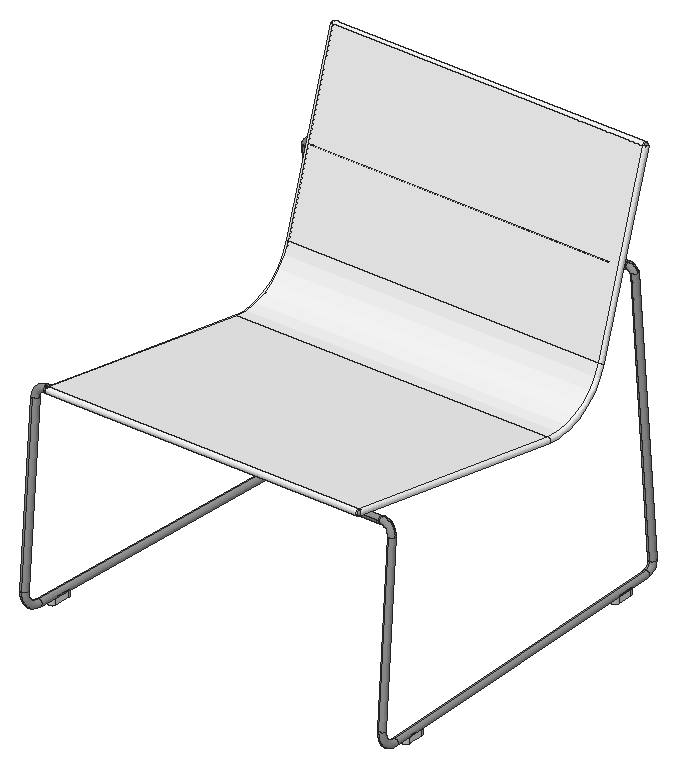
Revit family "Andreu World_Trenza_BU-0702", category Mobiliario, Revit 2014
Parameters (values of type "BU-0702")
  Upholstery = Outdoor Sand Woven Band
  Width = 670 mm
  URL = "http://www.andreuworld.com/"
  Seat Height = 395 mm
  Reference = "BU-0702"  # constant formula
  Modelo = "Trenza"
  Structure Finish = Andreu World Aluminum  Earth Brown
  Height = 710 mm
  Glides = Andreu World Plastic Glides
  Fabricante = "Andreu World"
  Descripción = "Lounge chair with steel frame."
  Depth = 670 mm
Reference planes
  plane 1 "Centro (Frontal/Posterior)": y = 0
  plane 2: z = 0
  plane 3 "Centro (Izquierda/Derecha)": x = 0
  plane 4 "Left": x = -335
  plane 5 "Right": x = 335
  plane 6 "Back": y = 335
  plane 7 "Front": y = -335
  plane 8 "Seat Height": z = 395
  plane 9 "Arms Height": z = 590
  plane 10 "Height": z = 710
  plane 11 "incl 01": through (-299.67, 335, 1200) normal (0.9991, -0.0429, 0)
  plane 12: through (299.67, 335, 1200) normal (0.9991, 0.0429, 0)
  plane 13 "P1": through (4267.2, -304.64, 368.528) normal (0, -0.9962, 0.0872)
  plane 14 "P2": through (4267.2, 283.585, 520.034) normal (0, -0.9997, -0.0258)
Forms (mm)
  Extrusion 1, solid, material "Andreu World Plastic Glides" <- "Glides", detail levels medium+fine
    sketch origin (0.543, -3.706, 0) x (1, 0, 0) y (0, 1, 0)
      loop
        arc (-311.28, 241.421) -> (-304.155, 234.296) -> (-297.029, 241.421) r 7.126
        line (-297.029, 241.421) -> (-295.831, 269.349)
        arc (-295.831, 269.349) -> (-302.956, 276.475) -> (-310.082, 269.349) r 7.126
        line (-310.082, 269.349) -> (-311.28, 241.421)
    from 0 to 11.932
  Extrusion 2, solid, material "Andreu World Plastic Glides" <- "Glides", detail levels medium+fine
    sketch origin (-21.097, -511.205, 0) x (1, 0, 0) y (0, 1, 0)
      loop
        arc (-311.28, 241.421) -> (-304.155, 234.296) -> (-297.029, 241.421) r 7.126
        line (-297.029, 241.421) -> (-295.831, 269.349)
        arc (-295.831, 269.349) -> (-302.956, 276.475) -> (-310.082, 269.349) r 7.126
        line (-310.082, 269.349) -> (-311.28, 241.421)
    from 0 to 11.932
  Extrusion 3, solid, material "Andreu World Aluminum  Earth Brown" <- "Structure Finish", detail levels medium+fine
    sketch origin (0, -1.086, -14.029) x (0, 1, 0) y (0, 0, 1)
      loop
        circle (-303.554, 388.557) r 6
    from -307.192 to 307.192
  Extrusion 4, solid, material "Andreu World Aluminum  Earth Brown" <- "Structure Finish", detail levels medium+fine
    sketch origin (0, 0, 0) x (0, 1, 0) y (0, 0, 1)
      loop
        circle (283.351, 529.111) r 6
    from -290 to 290
  Extrusion 5, solid, material "Outdoor Sand Woven Band" <- "Upholstery", detail levels medium+fine
    sketch origin (0, 0, 0) x (0, 1, 0) y (0, 0, 1)
      loop
        line (323.734, 706.104) -> (222.201, 393.616)
        arc (222.201, 393.616) -> (176.841, 336.315) -> (105.079, 322.491) r 105
        line (105.079, 322.491) -> (-328.489, 394.748)
        arc (-328.489, 394.748) -> (-334.243, 390.638) -> (-330.133, 384.884) r 5
        line (-330.133, 384.884) -> (103.435, 312.627)
        arc (103.435, 312.627) -> (182.031, 327.767) -> (231.711, 390.526) r 115
        line (231.711, 390.526) -> (333.245, 703.014)
        arc (333.245, 703.014) -> (330.035, 709.315) -> (323.734, 706.104) r 5
    from -285 to 285
  Sweep 6, solid, material "Outdoor Sand Woven Band" <- "Upholstery", detail levels medium+fine
    path origin (-285, 0, 0) x (0, 1, 0) y (0, 0, 1)
      loop
        line (323.734, 706.104) -> (222.201, 393.616)
        arc (222.201, 393.616) -> (176.841, 336.315) -> (105.079, 322.491) r 105
        line (105.079, 322.491) -> (-328.489, 394.748)
    profile origin (-285, 272.967, 549.86) x (0, 0.951057, -0.309017) y (1, 0, 0)
      loop
        arc (0, 0) -> (5, -5) -> (10, 0) r 5
        line (10, 0) -> (0, 0)
  Sweep 7, solid, material "Outdoor Sand Woven Band" <- "Upholstery", detail levels medium+fine
    path origin (285, 0, 0) x (0, 1, 0) y (0, 0, 1)
      loop
        line (323.734, 706.104) -> (222.201, 393.616)
        arc (222.201, 393.616) -> (176.841, 336.315) -> (105.079, 322.491) r 105
        line (105.079, 322.491) -> (-328.489, 394.748)
    profile origin (285, 272.967, 549.86) x (0, 0.951057, -0.309017) y (1, 0, 0)
      loop
        line (0, 0) -> (10, 0)
        arc (10, 0) -> (5, 5) -> (0, 0) r 5
  Revolve 8, solid, material "Andreu World Aluminum  Earth Brown" <- "Structure Finish", detail levels medium+fine
    sketch origin (-285, 323.734, 706.104) x (0, -0.951057, 0.309017) y (1, 0, 0)
      loop
        arc (-9, 0) -> (-5, -4) -> (-1, 0) r 4
        line (-1, 0) -> (-9, 0)
      axis (-9, 0) -> (-1, 0)
    angle from 0 to -90
  Revolve 9, solid, material "Andreu World Aluminum  Earth Brown" <- "Structure Finish", detail levels medium+fine
    sketch origin (285, 323.734, 706.104) x (0, -0.951057, 0.309017) y (1, 0, 0)
      loop
        arc (-1, 0) -> (-5, 4) -> (-9, 0) r 4
        line (-9, 0) -> (-1, 0)
      axis (-1, 0) -> (-9, 0)
    angle from 0 to -90
  Revolve 10, solid, material "Andreu World Aluminum  Earth Brown" <- "Structure Finish", detail levels medium+fine
    sketch origin (285, -328.489, 394.748) x (1, 0, 0) y (0, 0.16439, 0.986395)
      loop
        line (0, -1) -> (0, -9)
        arc (0, -9) -> (4, -5) -> (0, -1) r 4
      axis (0, -9) -> (0, -1)
    angle from 0 to -90
  Revolve 11, solid, material "Andreu World Aluminum  Earth Brown" <- "Structure Finish", detail levels medium+fine
    sketch origin (-285, -328.489, 394.748) x (1, 0, 0) y (0, 0.16439, 0.986395)
      loop
        line (0, -9) -> (0, -1)
        arc (0, -1) -> (-4, -5) -> (0, -9) r 4
      axis (0, -1) -> (0, -9)
    angle from 0 to -90
  Sweep 12, solid, material "Andreu World Aluminum  Earth Brown" <- "Structure Finish", detail levels medium+fine
    path origin (313.466, 13.449, 0) x (-0.042865, 0.999081, 0) y (0, 0, -1)
      loop
        line (270.25, -521.577) -> (313.268, -29.877)
        arc (313.268, -29.877) -> (309.125, -17.673) -> (297.329, -12.482) r 16
        line (297.329, -12.482) -> (-312.634, -12.482)
        arc (-312.634, -12.482) -> (-335.385, -22.426) -> (-343.541, -45.877) r 31
        line (-343.541, -45.877) -> (-319.59, -354.951)
    profile origin (300.96, 304.94, 275.727) x (0.042702, -0.995279, -0.087156) y (-0.999081, -0.042865, 0)
      loop
        circle (0, 0) r 6
  Extrusion 13, solid, material "Andreu World Plastic Glides" <- "Glides", detail levels medium+fine
    sketch origin (-0.543, -3.706, 0) x (-1, 0, 0) y (0, -1, 0)
      loop
        line (-311.28, -241.421) -> (-310.082, -269.349)
        arc (-310.082, -269.349) -> (-302.956, -276.475) -> (-295.831, -269.349) r 7.126
        line (-295.831, -269.349) -> (-297.029, -241.421)
        arc (-297.029, -241.421) -> (-304.155, -234.296) -> (-311.28, -241.421) r 7.126
    from 0 to 11.932
  Extrusion 14, solid, material "Andreu World Plastic Glides" <- "Glides", detail levels medium+fine
    sketch origin (21.097, -511.205, 0) x (-1, 0, 0) y (0, -1, 0)
      loop
        line (-311.28, -241.421) -> (-310.082, -269.349)
        arc (-310.082, -269.349) -> (-302.956, -276.475) -> (-295.831, -269.349) r 7.126
        line (-295.831, -269.349) -> (-297.029, -241.421)
        arc (-297.029, -241.421) -> (-304.155, -234.296) -> (-311.28, -241.421) r 7.126
    from 0 to 11.932
  Sweep 15, solid, material "Andreu World Aluminum  Earth Brown" <- "Structure Finish", detail levels medium+fine
    path origin (0, -334.323, 29.25) x (0, -0.087156, -0.996195) y (1, 0, 0)
      loop
        arc (-340.729, 307.192) -> (-336.587, 317.192) -> (-326.587, 321.334) r 14.142
    profile origin (317.192, -304.988, 364.555) x (0.707107, 0.061628, 0.704416) y (0, -0.996195, 0.087156)
      loop
        circle (5.928, 0) r 5.984
  Sweep 16, solid, material "Andreu World Aluminum  Earth Brown" <- "Structure Finish", detail levels medium+fine
    path origin (0, 296.793, 7.65) x (0, 0.025768, -0.999668) y (1, 0, 0)
      loop
        arc (-521.479, 290) -> (-518.999, 297.428) -> (-512.554, 301.876) r 12.364
    profile origin (297.428, 283.419, 526.477) x (0.600765, -0.0206, 0.799161) y (0, -0.999668, -0.025768)
      loop
        circle (0, 0) r 6
  Sweep 17, solid, material "Andreu World Aluminum  Earth Brown" <- "Structure Finish", detail levels medium+fine
    path origin (-313.466, 13.449, 0) x (0.042865, 0.999081, 0) y (0, 0, 1)
      loop
        line (270.25, 521.577) -> (313.268, 29.877)
        arc (313.268, 29.877) -> (309.125, 17.673) -> (297.329, 12.482) r 16
        line (297.329, 12.482) -> (-312.634, 12.482)
        arc (-312.634, 12.482) -> (-335.385, 22.426) -> (-343.541, 45.877) r 31
        line (-343.541, 45.877) -> (-319.59, 354.951)
    profile origin (-300.96, 304.94, 275.727) x (0.042702, 0.995279, 0.087156) y (0.999081, -0.042865, 0)
      loop
        circle (0, 0) r 6
  Sweep 18, solid, material "Andreu World Aluminum  Earth Brown" <- "Structure Finish", detail levels medium+fine
    path origin (0, -334.323, 29.25) x (0, -0.087156, -0.996195) y (-1, 0, 0)
      loop
        arc (-340.729, 307.192) -> (-336.587, 317.192) -> (-326.587, 321.334) r 14.142
    profile origin (-317.192, -304.988, 364.555) x (0.707107, -0.061628, -0.704416) y (0, -0.996195, 0.087156)
      loop
        circle (-5.928, 0) r 5.984
  Sweep 19, solid, material "Andreu World Aluminum  Earth Brown" <- "Structure Finish", detail levels medium+fine
    path origin (0, 296.793, 7.65) x (0, 0.025768, -0.999668) y (-1, 0, 0)
      loop
        arc (-521.479, 290) -> (-518.999, 297.428) -> (-512.554, 301.876) r 12.364
    profile origin (-297.428, 283.419, 526.477) x (0.600765, 0.0206, -0.799161) y (0, -0.999668, -0.025768)
      loop
        circle (0, 0) r 6
Cuts and joins
  joined: Extrusion 5, Sweep 6, Sweep 7
Lines and regions (mm)
  model lines, detail levels coarse+medium
    curve 1: line (-331.18, -241.856, 0) -> (-332.378, -269.784, 0)
    curve 2: arc (-332.378, -269.784, 0) -> (-325.252, -276.909, 0) -> (-318.127, -269.784, 0) r 7.126
    curve 3: line (-318.127, -269.784, 0) -> (-316.928, -241.856, 0)
    curve 4: arc (-316.928, -241.856, 0) -> (-324.054, -234.73, 0) -> (-331.18, -241.856, 0) r 7.126
    curve 5: line (-309.539, 265.643, 0) -> (-310.737, 237.716, 0)
    curve 6: arc (-310.737, 237.716, 0) -> (-303.612, 230.59, 0) -> (-296.486, 237.716, 0) r 7.126
    curve 7: line (-296.486, 237.716, 0) -> (-295.288, 265.643, 0)
    curve 8: arc (-295.288, 265.643, 0) -> (-302.414, 272.769, 0) -> (-309.539, 265.643, 0) r 7.126
    curve 9: line (-310.01, -323.443, 0) -> (-282.548, 332.942, 0)
    curve 10: line (-331.683, -292.553, 0) -> (-305.513, 332.942, 0)
    curve 11: line (-1.349, 332.942, 0) -> (-1.349, -323.443, 0)
    curve 12: line (-319.67, -292.497, 0) -> (-293.524, 332.44, 0)
    curve 13: line (-310.01, -323.443, 0) -> (307.313, -323.443, 0)
    curve 14: line (-305.513, 332.942, 0) -> (302.816, 332.942, 0)
    curve 15: line (-286.581, 236.545, 0) -> (283.884, 236.545, 0)
    curve 16: line (-319.67, -292.497, 0) -> (-308.715, -292.497, 0)
    curve 17: line (-309.153, -302.971, 0) -> (-321.692, -302.971, 0)
    curve 18: arc (-331.683, -292.553, 0) -> (-328.909, -299.893, 0) -> (-321.692, -302.971, 0) r 10
    curve 19: line (328.482, -241.856, 0) -> (329.681, -269.784, 0)
    curve 20: arc (329.681, -269.784, 0) -> (322.555, -276.909, 0) -> (315.429, -269.784, 0) r 7.126
    curve 21: line (315.429, -269.784, 0) -> (314.231, -241.856, 0)
    curve 22: arc (314.231, -241.856, 0) -> (321.357, -234.73, 0) -> (328.482, -241.856, 0) r 7.126
    curve 23: line (306.842, 265.643, 0) -> (308.04, 237.716, 0)
    curve 24: arc (308.04, 237.716, 0) -> (300.915, 230.59, 0) -> (293.789, 237.716, 0) r 7.126
    curve 25: line (293.789, 237.716, 0) -> (292.591, 265.643, 0)
    curve 26: arc (292.591, 265.643, 0) -> (299.716, 272.769, 0) -> (306.842, 265.643, 0) r 7.126
    curve 27: line (307.313, -323.443, 0) -> (279.85, 332.942, 0)
    curve 28: line (328.986, -292.553, 0) -> (302.816, 332.942, 0)
    curve 29: line (316.973, -292.497, 0) -> (290.827, 332.44, 0)
    curve 30: line (316.973, -292.497, 0) -> (306.018, -292.497, 0)
    curve 31: line (306.456, -302.971, 0) -> (318.995, -302.971, 0)
    curve 32: arc (328.986, -292.553, 0) -> (326.212, -299.893, 0) -> (318.995, -302.971, 0) r 10
    curve 33: line (-31.349, 332.942, 0) -> (-31.349, -323.443, 0)
    curve 34: line (-61.349, 332.942, 0) -> (-61.349, -323.443, 0)
    curve 35: line (-91.349, 332.942, 0) -> (-91.349, -323.443, 0)
    curve 36: line (-121.349, 332.942, 0) -> (-121.349, -323.443, 0)
    curve 37: line (-151.349, 332.942, 0) -> (-151.349, -323.443, 0)
    curve 38: line (-181.349, 332.942, 0) -> (-181.349, -323.443, 0)
    curve 39: line (-211.349, 332.942, 0) -> (-211.349, -323.443, 0)
    curve 40: line (-241.349, 332.942, 0) -> (-241.349, -323.443, 0)
    curve 41: line (-271.349, 332.942, 0) -> (-271.349, -323.443, 0)
    curve 42: line (-301.349, -123.455, 0) -> (-301.349, -323.443, 0)
    curve 43: line (28.651, 332.942, 0) -> (28.651, -323.443, 0)
    curve 44: line (58.651, 332.942, 0) -> (58.651, -323.443, 0)
    curve 45: line (88.651, 332.942, 0) -> (88.651, -323.443, 0)
    curve 46: line (118.651, 332.942, 0) -> (118.651, -323.443, 0)
    curve 47: line (148.651, 332.942, 0) -> (148.651, -323.443, 0)
    curve 48: line (178.651, 332.942, 0) -> (178.651, -323.443, 0)
    curve 49: line (208.651, 332.942, 0) -> (208.651, -323.443, 0)
    curve 50: line (238.651, 332.942, 0) -> (238.651, -323.443, 0)
    curve 51: line (268.651, 332.942, 0) -> (268.651, -323.443, 0)
    curve 52: line (298.651, -116.427, 0) -> (298.651, -323.443, 0)
    curve 53: line (-285.325, 266.545, 0) -> (282.628, 266.545, 0)
    curve 54: line (-284.07, 296.545, 0) -> (281.373, 296.545, 0)
    curve 55: line (-282.815, 326.545, 0) -> (280.118, 326.545, 0)
    curve 56: line (-287.836, 206.545, 0) -> (285.139, 206.545, 0)
    curve 57: line (-289.091, 176.545, 0) -> (286.394, 176.545, 0)
    curve 58: line (-290.346, 146.545, 0) -> (287.649, 146.545, 0)
    curve 59: line (-291.601, 116.545, 0) -> (288.904, 116.545, 0)
    curve 60: line (-292.856, 86.545, 0) -> (290.159, 86.545, 0)
    curve 61: line (-294.112, 56.545, 0) -> (291.415, 56.545, 0)
    curve 62: line (-295.367, 26.545, 0) -> (292.67, 26.545, 0)
    curve 63: line (-296.622, -3.455, 0) -> (293.925, -3.455, 0)
    curve 64: line (-297.877, -33.455, 0) -> (295.18, -33.455, 0)
    curve 65: line (-299.132, -63.455, 0) -> (296.435, -63.455, 0)
    curve 66: line (-300.387, -93.455, 0) -> (297.69, -93.455, 0)
    curve 67: line (-301.349, -123.455, 0) -> (298.945, -123.455, 0)
    curve 68: line (-302.898, -153.455, 0) -> (300.201, -153.455, 0)
    curve 69: line (-304.153, -183.455, 0) -> (301.456, -183.455, 0)
    curve 70: line (-305.408, -213.455, 0) -> (302.711, -213.455, 0)
    curve 71: line (-306.663, -243.455, 0) -> (303.966, -243.455, 0)
    curve 72: line (-307.918, -273.455, 0) -> (305.221, -273.455, 0)
    curve 73: line (-311.713, -303.455, 0) -> (306.476, -303.455, 0)
    curve 74: line (-293.942, 322.449, 0) -> (-282.987, 322.449, 0)
    curve 75: line (-284.07, 311.545, 0) -> (281.373, 311.545, 0)
    curve 76: line (-285.325, 281.545, 0) -> (282.628, 281.545, 0)
    curve 77: line (-286.581, 251.545, 0) -> (283.884, 251.545, 0)
    curve 78: line (-287.836, 221.545, 0) -> (285.139, 221.545, 0)
  model lines
    curve 79: line (0, 277.613, 519.511) -> (0, 289.557, 520.557)
Dimensions and locks
  "Width": plane 4 "Left" to plane 5 "Right"
  equal spacing: plane 4 "Left", plane 3 "Centro (Izquierda/Derecha)", plane 5 "Right"
  "Depth": plane 6 "Back" to plane 7 "Front"
  equal spacing: plane 6 "Back", plane 1 "Centro (Frontal/Posterior)", plane 7 "Front"
  "Seat Height": plane 8 "Seat Height" to level
  plane 9 "Arms Height" to level = 590 mm
  "Height": plane 10 "Height" to level
  aligned and locked: level to plane 2
  aligned and locked: Sweep 6 sketch curve to Extrusion 5  (x3)
  aligned and locked: Sweep 7 sketch curve to cut or joined group of Extrusion 5, Sweep 6, Sweep 7  (x2)
  aligned and locked: curve 1 to Extrusion 2
  aligned and locked: curve 2 to Extrusion 2
  aligned and locked: curve 3 to Extrusion 2
  aligned and locked: curve 4 to Extrusion 2
  aligned and locked: curve 5 to Extrusion 1
  aligned and locked: curve 6 to Extrusion 1
  aligned and locked: curve 7 to Extrusion 1
  aligned and locked: curve 8 to Extrusion 1
Automatic sketch dimensions
  plane 4 "Left" to curve 10 = 3.317 mm
  curve 10 to curve 18 = 9.991 mm
  curve 18 to curve 16 = 2.022 mm
  plane 7 "Front" to curve 13 = 11.557 mm
  curve 17 to curve 13 = 11.682 mm
  curve 10 to plane 6 "Back" = 2.058 mm
  plane 4 "Left" to curve 10 = 29.487 mm
  plane 4 "Left" to curve 42 = 33.651 mm
  curve 25 to plane 5 "Right" = 42.409 mm
  curve 26 to curve 25 = 1.198 mm
  curve 26 to curve 26 = 7.126 mm
  curve 24 to curve 24 = 7.126 mm
  curve 14 to plane 5 "Right" = 32.184 mm
  curve 13 to plane 5 "Right" = 27.687 mm
  curve 21 to plane 5 "Right" = 20.769 mm
  curve 21 to plane 5 "Right" = 19.571 mm
  curve 29 to plane 5 "Right" = 18.027 mm
  curve 29 to curve 31 = 2.022 mm
  curve 21 to curve 22 = 7.126 mm
  curve 21 to curve 20 = 7.126 mm
  curve 28 to plane 5 "Right" = 6.014 mm
  curve 9 to curve 17 = 20.472 mm
  curve 13 to curve 31 = 20.472 mm
  curve 31 to curve 32 = 10 mm
  curve 18 to curve 18 = 10 mm
  curve 32 to curve 29 = 0.474 mm
  curve 18 to curve 12 = 0.474 mm
  curve 29 to curve 21 = 22.713 mm
  curve 20 to curve 22 = 27.928 mm
  curve 3 to curve 67 = 118.401 mm
  curve 25 to curve 14 = 95.226 mm
  curve 24 to curve 26 = 27.928 mm
  curve 17 to curve 73 = 9.978 mm
  curve 73 to curve 17 = 2.56 mm
  curve 2 to curve 72 = 10.208 mm
  curve 3 to curve 71 = 10.265 mm
  plane 4 "Left" to curve 70 = 29.592 mm
  curve 70 to curve 69 = 1.255 mm
  curve 69 to curve 68 = 1.255 mm
  curve 42 to curve 66 = 0.961 mm
  curve 66 to curve 65 = 1.255 mm
  curve 65 to curve 64 = 1.255 mm
  plane 1 "Centro (Frontal/Posterior)" to curve 63 = 3.455 mm
  curve 62 to plane 1 "Centro (Frontal/Posterior)" = 26.545 mm
  curve 62 to curve 61 = 1.255 mm
  curve 74 to curve 9 = 11.394 mm
  curve 12 to plane 6 "Back" = 2.56 mm
  curve 74 to curve 12 = 0.418 mm
  curve 61 to curve 60 = 1.255 mm
  curve 60 to curve 59 = 1.255 mm
  curve 59 to curve 58 = 1.255 mm
  curve 58 to curve 57 = 1.255 mm
  curve 57 to curve 56 = 1.255 mm
  curve 78 to curve 56 = 0 mm  (x2)
  curve 8 to curve 77 = 8.707 mm
  curve 6 to curve 15 = 9.906 mm
  curve 7 to curve 53 = 9.962 mm
  curve 76 to curve 53 = 0 mm  (x2)
  curve 76 to curve 54 = 1.255 mm
  curve 75 to curve 74 = 1.084 mm
  curve 74 to curve 55 = 0.171 mm
  curve 42 to curve 41 = 30 mm
  curve 41 to curve 40 = 30 mm
  curve 40 to curve 39 = 30 mm
  curve 39 to curve 38 = 30 mm
  curve 38 to curve 37 = 30 mm
  curve 37 to curve 36 = 30 mm
  curve 36 to curve 35 = 30 mm
  curve 35 to curve 34 = 30 mm
  curve 34 to curve 33 = 30 mm
  curve 11 to plane 3 "Centro (Izquierda/Derecha)" = 1.349 mm
  plane 3 "Centro (Izquierda/Derecha)" to curve 43 = 28.651 mm
  curve 43 to curve 44 = 30 mm
  curve 44 to curve 45 = 30 mm
  curve 45 to curve 46 = 30 mm
  curve 46 to curve 47 = 30 mm
  curve 47 to curve 48 = 30 mm
  curve 48 to curve 49 = 30 mm
  curve 49 to curve 50 = 30 mm
  curve 50 to curve 51 = 30 mm
  curve 51 to curve 27 = 11.199 mm
  curve 75 to curve 54 = 0 mm
  curve 77 to curve 15 = 0 mm
  curve 29 to plane 6 "Back" = 2.56 mm
  curve 27 to curve 29 = 10.976 mm
  curve 52 to curve 67 = 0.294 mm
  curve 31 to curve 73 = 0.02 mm
  curve 56 to curve 78 = 15 mm
  curve 15 to curve 77 = 15 mm
  curve 53 to curve 76 = 15 mm
  curve 54 to curve 75 = 15 mm
  curve 79 to plane 6 "Back" = 57.387 mm
  curve 79 to plane 9 "Arms Height" = 70.489 mm
  curve 79 to curve 79 = 11.943 mm
  curve 79 to curve 79 = 1.046 mm
  plane 4 "Left" to Extrusion 1 sketch curve = 24.263 mm
  plane 4 "Left" to Extrusion 1 sketch curve = 25.461 mm
  Extrusion 1 sketch curve to Extrusion 1 sketch curve = 7.126 mm  (x2)
  Extrusion 1 sketch curve to plane 6 "Back" = 97.284 mm
  Extrusion 1 sketch curve to Extrusion 1 sketch curve = 27.928 mm
  plane 4 "Left" to Extrusion 2 sketch curve = 2.622 mm
  plane 4 "Left" to Extrusion 2 sketch curve = 3.82 mm
  Extrusion 2 sketch curve to Extrusion 2 sketch curve = 7.126 mm  (x2)
  plane 7 "Front" to Extrusion 2 sketch curve = 65.216 mm
  Extrusion 2 sketch curve to Extrusion 2 sketch curve = 27.928 mm
  plane 7 "Front" to Extrusion 3 sketch curve = 30.36 mm
  Extrusion 3 sketch curve to plane 8 "Seat Height" = 20.472 mm
  Extrusion 4 sketch curve to plane 14 "P2" = 0 mm
  Extrusion 4 sketch curve to plane 6 "Back" = 51.649 mm
  Extrusion 5 sketch curve to Extrusion 5 sketch curve = 0 mm  (x2)
  plane 7 "Front" to Extrusion 5 sketch curve = 4.867 mm
  Extrusion 5 sketch curve to Extrusion 5 sketch curve = 0.822 mm  (x2)
  Extrusion 5 sketch curve to plane 8 "Seat Height" = 0.252 mm
  Extrusion 5 sketch curve to plane 1 "Centro (Frontal/Posterior)" = 103.435 mm
  Extrusion 5 sketch curve to Extrusion 5 sketch curve = 1.644 mm
  plane 8 "Seat Height" to Extrusion 5 sketch curve = 31.062 mm
  Extrusion 5 sketch curve to Extrusion 5 sketch curve = 17.261 mm
  Extrusion 5 sketch curve to plane 8 "Seat Height" = 1.384 mm
  Extrusion 5 sketch curve to Extrusion 5 sketch curve = 99.861 mm
  Extrusion 5 sketch curve to plane 8 "Seat Height" = 4.474 mm
  Extrusion 5 sketch curve to Extrusion 5 sketch curve = 9.511 mm
  Extrusion 5 sketch curve to plane 10 "Height" = 3.896 mm
  Extrusion 5 sketch curve to plane 6 "Back" = 11.266 mm
  Extrusion 5 sketch curve to Extrusion 5 sketch curve = 4.755 mm
  Extrusion 5 sketch curve to plane 6 "Back" = 1.755 mm
  Extrusion 5 sketch curve to Extrusion 5 sketch curve = 9.864 mm
  Extrusion 5 sketch curve to plane 10 "Height" = 6.986 mm
  Sweep 6 sketch curve to Sweep 6 sketch curve = 17.261 mm
  Sweep 6 sketch curve to Sweep 6 sketch curve = 99.861 mm
  Sweep 6 sketch curve to Sweep 6 sketch curve = 433.568 mm
  Sweep 6 sketch curve to Sweep 6 sketch curve = 101.534 mm
  Sweep 6 sketch curve to profile plane = 0 mm  (x2)
  Sweep 6 sketch curve to profile plane = 5 mm
  Sweep 7 sketch curve to Extrusion 5 = 0 mm
  Sweep 7 sketch curve to Sweep 7 sketch curve = 17.261 mm
  Sweep 7 sketch curve to Sweep 7 sketch curve = 99.861 mm
  Sweep 7 sketch curve to Sweep 7 sketch curve = 433.568 mm
  Sweep 7 sketch curve to Sweep 7 sketch curve = 101.534 mm
  Sweep 7 sketch curve to profile plane = 0 mm  (x2)
  Sweep 7 sketch curve to profile plane = 5 mm
  Revolve 8 sketch curve to Sweep 6 = 0 mm
  Revolve 8 sketch curve to Revolve 8 sketch curve = 1 mm
  Revolve 8 sketch curve to Revolve 8 sketch curve = 529.345 mm
  Revolve 9 sketch curve to Sweep 7 = 0 mm
  Revolve 9 sketch curve to Revolve 9 sketch curve = 1 mm
  Revolve 9 sketch curve to Revolve 9 sketch curve = 529.345 mm
  Revolve 10 sketch curve to Sweep 7 = 0 mm
  Revolve 10 sketch curve to Revolve 10 sketch curve = 1 mm
  Revolve 10 sketch curve to Revolve 10 sketch curve = 419.597 mm
  Revolve 11 sketch curve to Sweep 6 = 0 mm
  Revolve 11 sketch curve to Revolve 11 sketch curve = 1 mm
  Revolve 11 sketch curve to Revolve 11 sketch curve = 419.597 mm
  level to Sweep 12 sketch curve = 45.877 mm
  Sweep 12 sketch curve to Sweep 12 sketch curve = 30.907 mm
  level to Sweep 12 sketch curve = 28.482 mm
  Sweep 12 sketch curve to Sweep 12 sketch curve = 609.962 mm
  level to Sweep 12 sketch curve = 29.877 mm
  Sweep 12 sketch curve to Sweep 12 sketch curve = 15.939 mm
  Sweep 12 sketch curve to plane 8 "Seat Height" = 40.049 mm
  Sweep 12 sketch curve to Sweep 12 sketch curve = 23.951 mm
  Sweep 12 sketch curve to plane 9 "Arms Height" = 68.423 mm
  Sweep 12 sketch curve to Sweep 12 sketch curve = 43.018 mm
  profile plane to Sweep 12 sketch curve = 0 mm
  Sweep 12 sketch curve to profile plane = 0 mm
  plane 5 "Right" to Extrusion 13 sketch curve = 24.263 mm
  plane 5 "Right" to Extrusion 13 sketch curve = 25.461 mm
  Extrusion 13 sketch curve to Extrusion 13 sketch curve = 7.126 mm  (x2)
  plane 6 "Back" to Extrusion 13 sketch curve = 97.284 mm
  Extrusion 13 sketch curve to Extrusion 13 sketch curve = 27.928 mm
  plane 5 "Right" to Extrusion 14 sketch curve = 2.622 mm
  plane 5 "Right" to Extrusion 14 sketch curve = 3.82 mm
  Extrusion 14 sketch curve to Extrusion 14 sketch curve = 7.126 mm  (x2)
  Extrusion 14 sketch curve to plane 7 "Front" = 65.216 mm
  Extrusion 14 sketch curve to Extrusion 14 sketch curve = 27.928 mm
  Sweep 15 sketch curve to plane 5 "Right" = 27.808 mm
  Sweep 15 sketch curve to Sweep 15 sketch curve = 14.142 mm
  Sweep 15 sketch curve to plane 13 "P1" = 0 mm
  Sweep 15 sketch curve to profile plane = 5.928 mm
  Sweep 16 sketch curve to plane 5 "Right" = 45 mm
  Sweep 16 sketch curve to Sweep 16 sketch curve = 3.439 mm
  Sweep 16 sketch curve to Sweep 16 sketch curve = 12.364 mm
  Sweep 16 sketch curve to plane 14 "P2" = 0 mm
  Sweep 16 sketch curve to profile plane = 0 mm
  level to Sweep 17 sketch curve = 45.877 mm
  Sweep 17 sketch curve to Sweep 17 sketch curve = 30.907 mm
  level to Sweep 17 sketch curve = 28.482 mm
  Sweep 17 sketch curve to Sweep 17 sketch curve = 609.962 mm
  level to Sweep 17 sketch curve = 29.877 mm
  Sweep 17 sketch curve to Sweep 17 sketch curve = 15.939 mm
  Sweep 17 sketch curve to plane 8 "Seat Height" = 40.049 mm
  Sweep 17 sketch curve to Sweep 17 sketch curve = 23.951 mm
  Sweep 17 sketch curve to plane 9 "Arms Height" = 68.423 mm
  Sweep 17 sketch curve to Sweep 17 sketch curve = 43.018 mm
  Sweep 17 sketch curve to profile plane = 0 mm  (x2)
  Sweep 18 sketch curve to plane 4 "Left" = 27.808 mm
  Sweep 18 sketch curve to Sweep 18 sketch curve = 14.142 mm
  Sweep 18 sketch curve to plane 13 "P1" = 0 mm
  profile plane to Sweep 18 sketch curve = 5.928 mm
  Sweep 19 sketch curve to plane 4 "Left" = 45 mm
  Sweep 19 sketch curve to Sweep 19 sketch curve = 3.439 mm
  Sweep 19 sketch curve to Sweep 19 sketch curve = 12.364 mm
  Sweep 19 sketch curve to plane 14 "P2" = 0 mm
  Sweep 19 sketch curve to profile plane = 0 mm
  radius of Extrusion 3 sketch curve = 6 mm
  radius of Extrusion 4 sketch curve = 6 mm
  radius of Revolve 8 sketch curve to Sweep 6 = 1 mm
  radius of Revolve 9 sketch curve to Sweep 7 = 1 mm
  radius of Revolve 10 sketch curve to Sweep 7 = 1 mm
  radius of Revolve 11 sketch curve to Sweep 6 = 1 mm
  radius of Sweep 12 sketch curve = 6 mm
  radius of Sweep 15 sketch curve = 5.984 mm
  radius of Sweep 16 sketch curve = 6 mm
  radius of Sweep 17 sketch curve = 6 mm
  radius of Sweep 18 sketch curve = 5.984 mm
  radius of Sweep 19 sketch curve = 6 mm
